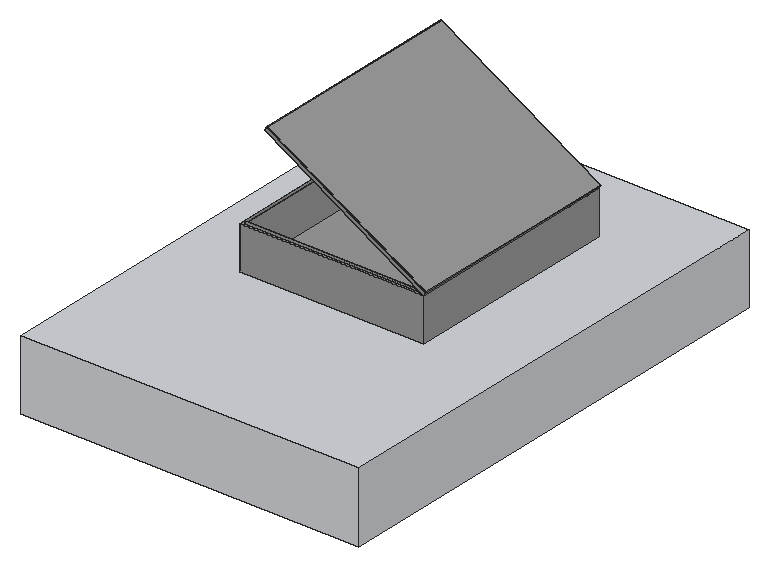
Revit family "Hager-Univers-IP54-D205-H950-Cl.I-Encl-CH-en", category Equipement électrique, Revit 2020
Family settings
  Hôte = Face
  Configuration du panneau = Deux colonnes, circuits au sein
  Cote de connecteur circulaire = Utiliser le diamètre
  Type d'élément = Tableau de raccordement
  Couper avec des vides une fois chargée = Non
  Partagée = Non
  Point de calcul de pièce = Non
Parameters (values of type "Surface mounted (plaster) IP54 W800 H950 D205  - FP63TW2")
  Width Control [instance] = if([EF000008 - Width] > Min Width, [EF000008 - Width], Min Width)  # 800 mm
  Commentaires du type = [HG000003 - Range]  # "Univers"
  Thickness Door [instance] = if([EF009171 - Material plate thickness door/cover] > 3 mm, 3 mm, [EF009171 - Material plate thickness door/cover])  # 1 mm
  Seal Frame Offset [instance] = 17 mm  # constant formula
  Plinth Visibility [instance] = [HG000027 - Plinth height] > 0 mm  # no
  Model = ""
  Min Width [instance] = 100 mm  # constant formula
  Min Height [instance] = 100 mm  # constant formula
  Min Depth [instance] = (2 * [EF009170 - Material plate thickness cabinet]) + 1 mm  # 3 mm
  Internal Frame Depth [instance] = (Door System Depth * 0.5)  # 9 mm
  Height Control [instance] = if([EF000040 - Height] > Min Height, [EF000040 - Height], Min Height)  # 950 mm
  HG000027 - Plinth height = 0 mm
  HG000026 - Floor standing = no
  HG000024 - Bottom section height = 800 mm
  HG000023 - Double section enclosure = no
  HG000016 - Door 3d visibility [instance] = yes
  HG000015 - Clearance visibility [instance] = no
  HG000014 - Door on the right [instance] = yes
  HG000013 - Door on the left [instance] = not([HG000014 - Door on the right])  # no
  HG000012 - Door swing angle [instance] = 30.00°
  HG000010 - Asymmetric doors = no
  HG000009 - Double swing door = no
  HG000006 - Flush mounted = no
  HG000004 - Manufacturer reference = "FP63TW2"
  HG000003 - Range = "Univers"
  HG000002 - With door or cover = yes
  Frame Offset Bottom [instance] = 10 mm  # constant formula
  Frame Offset [instance] = 15 mm  # constant formula
  EF015940 - Cover with overpressure release = no
  EF011959 - Degree of protection (NEMA) = ""
  EF009554 - Number of openings for flange plates = 6
  EF009212 - Cover model = "EV000116 - Closed"
  EF009171 - Material plate thickness door/cover = 1 mm
  EF009170 - Material plate thickness cabinet = 1 mm
  Fabricant = "Hager"  # constant formula
  EF008873 - Nominal current (In) = 250 A
  EF007800 - Suitable for lightning protection = no
  EF006306 - With lock = no
  EF006244 - Transparent cover/door = no
  EF005474 - Degree of protection (IP) = "EV006419 - IP54"
  EF004464 - Type of door = "EV002646 - Single"
  EF004427 - Number of modules = 216
  EF004293 - Impact strength = "EV006815 - IK09"
  EF003532 - Suitable for outdoor use = no
  EF002950 - Width in number of modular spacings = 36
  EF001613 - Circuit integrity = "EV000494 - None"
  EF001596 - Material housing = "EV000179 - Steel"
  EF001131 - Internal depth = 130 mm
  EF001088 - Extension possible = yes
  EF000437 - Number of conduit inlets = 6
  EF000339 - Type of cover = "EV001012 - Cover"
  EF000266 - Number of rows = 6
  EF000218 - Built-in depth = 205 mm
  EF000118 - With mounting plate = no
  EF000116 - RAL-number = "9010"
  EF000049 - Depth = 205 mm
  EF000040 - Height = 950 mm
  EF000008 - Width = 800 mm
  EF000007 - Colour = "EV000202 - White"
  EF000003 - Mounting method = "EV000384 - Surface mounted (plaster)"
  Door System Leaf Tolerance [instance] = 1.5 mm  # constant formula
  Door System Depth [instance] = 18 mm  # constant formula
  Door Height [instance] = Height Control - [HG000027 - Plinth height]  # 950 mm
  Depth Control [instance] = if([EF000049 - Depth] > Min Depth, [EF000049 - Depth], Min Depth)  # 205 mm
  Default Elevation = 0 mm
  Connector Offset [instance] = Height Control / 2  # 475 mm
  Bottom Top Plate Trim [instance] = 1.5 mm  # constant formula
  Plinth height Ctrl [instance] = if([HG000027 - Plinth height] > 0 mm, [HG000027 - Plinth height], 12 mm)  # 12 mm
Types (5, lengths in mm): name | Width Control | HG000004 - Manufacturer reference | EF009554 - Number of openings for flange plates | EF004464 - Type of door | EF004427 - Number of modules | EF002950 - Width in number of modular spacings | EF000437 - Number of conduit inlets | EF000008 - Width
  Surface mounted (plaster) IP54 W1050 H950 D205  - FP64TW2 | 1050 | "FP64TW2" | 8 | "EV003602 - Double" | 288 | 48 | 8 | 1050
  Surface mounted (plaster) IP54 W1300 H950 D205  - FP65TW2 | 1300 | "FP65TW2" | 10 | "EV003602 - Double" | 360 | 60 | 10 | 1300
  Surface mounted (plaster) IP54 W300 H950 D205  - FP61TW2 | 300 | "FP61TW2" | 2 | "EV002646 - Single" | 72 | 12 | 2 | 300
  Surface mounted (plaster) IP54 W550 H950 D205  - FP62TW2 | 550 | "FP62TW2" | 4 | "EV002646 - Single" | 144 | 24 | 4 | 550
  Surface mounted (plaster) IP54 W800 H950 D205  - FP63TW2 | 800 | "FP63TW2" | 6 | "EV002646 - Single" | 216 | 36 | 6 | 800
Reference planes
  plane 1 "Center (Front/Back)": y = 0
  plane 2: z = 0
  plane 3 "Center (Left/Right)": x = 0
  plane 4: z = 205
  plane 5: y = 1
  plane 6: y = 475
  plane 7: y = 0
  plane 8: y = 950
  plane 9: z = 0
  plane 10: x = -385
  plane 11: x = 385
  plane 12: x = 384
  plane 13: x = -384
  plane 14: y = 949
  plane 15: x = -383
  plane 16: x = -400
  plane 17: x = 383
  plane 18: x = 400
  plane 19: x = 399
  plane 20: x = -399
  plane 21: y = 11
  plane 22: y = 950
  plane 23: y = 934
  plane 24: z = 187
  plane 25: z = 1
  plane 26: z = 186
  plane 27: z = 204
Forms (mm)
  Extrusion 1, solid
    sketch origin (0, 0, 0) x (1, 0, 0) y (0, 1, 0)
      loop
        line (-702.964, 1305) -> (-702.964, -811.445) -> (766.763, -811.445) -> (766.763, 1305) -> (-702.964, 1305)
    from 0 to -304.8
  Extrusion 2, solid, material "Hager_Steel_RAL7035_Light_Grey", visible <- "Plinth Visibility", detail levels medium+fine
    sketch origin (0, 0, 0) x (1, 0, 0) y (0, 1, 0)
      loop
        line (-400, 0) -> (400, 0) -> (400, 12) -> (-400, 12) -> (-400, 0)
    from 0 to 187
  Extrusion 3, solid, material "Hager_Steel_RAL7035_Light_Grey", detail levels medium+fine
    sketch origin (0, 0, 0) x (1, 0, 0) y (0, 1, 0)
      loop
        line (-400, 0) -> (400, 0) -> (400, 950) -> (-400, 950) -> (-400, 0)
    from 0 to 187
  Extrusion 4, void
    sketch origin (0, 0, 0) x (1, 0, 0) y (0, 1, 0)
      loop
        line (-399, 1) -> (399, 1) -> (399, 949) -> (-399, 949) -> (-399, 1)
    from 1 to 186
  Extrusion 5, void
    sketch origin (-381.607, -4572, 187) x (0, -1, 0) y (-1, 0, 0)
      loop
        line (-4583, 2.393) -> (-5506, 2.393) -> (-5506, -765.607) -> (-4583, -765.607) -> (-4583, 2.393)
    from 0 to 1 <- "EF009170 - Material plate thickness cabinet"
  Extrusion 6, solid, material "Hager_Steel_RAL7035_Light_Grey", detail levels fine
    sketch origin (0, 0, 187) x (1, 0, 0) y (0, 1, 0)
      loop
        line (-384, 934) -> (-384, 11) -> (384, 11) -> (384, 934) -> (-384, 934)
      loop
        line (-385, 10) -> (385, 10) -> (385, 935) -> (-385, 935) -> (-385, 10)
    from 0 to 9 <- "Internal Frame Depth"
  Extrusion 7, solid, material "Hager_Steel_RAL7035_Light_Grey", detail levels coarse
    sketch origin (0, 0, 0) x (1, 0, 0) y (0, 1, 0)
      loop
        line (-400, 0) -> (400, 0) -> (400, 950) -> (-400, 950) -> (-400, 0)
    from 0 to 205
  Sweep 8, void
    path in 3D
      loop
        line (-400, 12, 0) -> (400, 12, 0) -> (400, 12, 187) -> (-400, 12, 187) -> (-400, 12, 0)
    profile origin (-400, 12, 93.5) x (-1, 0, 0) y (0, -1, 0)
      loop
        line (0, 0) -> (0, 1.5) -> (-1.5, 1.5)
        arc (-1.5, 1.5) -> (-1.061, 0.439) -> (0, 0) r 1.5
Cuts and joins
  Extrusion 4, Extrusion 5 cuts Extrusion 3
  Sweep 8 cuts Extrusion 2
Lines and regions (mm)
  Masking region 1
    outline origin (0, 0, 0) x (1, 0, 0) y (0, 0, 1)
      loop
        line (-400, 205) -> (-400, 0) -> (400, 0) -> (400, 205) -> (-400, 205)
  Masking region 2, detail levels medium+fine
    outline origin (0, 140, 0) x (0, 1, 0) y (0, 0, 1)
      loop
        line (-140, 0) -> (810, 0) -> (810, 187) -> (-140, 187) -> (-140, 0)
  Masking region 3, not visible, detail levels medium+fine
    outline origin (0, 297.922, 0) x (0, 1, 0) y (0, 0, 1)
      loop
        line (188.578, 0) -> (228.578, 0) -> (228.578, 194)
        arc (228.578, 194) -> (225.649, 201.071) -> (218.578, 204) r 10
        line (218.578, 204) -> (188.578, 204) -> (188.578, 0)
  Masking region 4, detail levels coarse
    outline origin (0, 0, 180) x (0, 1, 0) y (0, 0, 1)
      loop
        line (0, -180) -> (950, -180) -> (950, 25) -> (0, 25) -> (0, -180)
  Masking region 5, visible <- "Plinth Visibility", detail levels medium+fine
    outline origin (0, 52.24, 12.345) x (0, 0, -1) y (0, 1, 0)
      loop
        line (10.845, -40.24) -> (-173.155, -40.24)
        arc (-173.155, -40.24) -> (-173.594, -41.301) -> (-174.655, -41.74) r 1.5
        line (-174.655, -41.74) -> (-174.655, -52.24) -> (12.345, -52.24) -> (12.345, -41.74)
        arc (12.345, -41.74) -> (11.285, -41.301) -> (10.845, -40.24) r 1.5
  Masking region 6, detail levels medium+fine
    outline origin (-381.607, -4572, 187) x (-1, 0, 0) y (0, -1, 0)
      loop
        line (18.393, -5522) -> (18.393, -4572) -> (-781.607, -4572) -> (-781.607, -5522) -> (18.393, -5522)
  Masking region 7, visible <- "Plinth Visibility", detail levels medium+fine
    outline origin (-381.607, -4727, 187) x (-1, 0, 0) y (0, -1, 0)
      loop
        arc (16.893, -4739) -> (17.332, -4737.939) -> (18.393, -4737.5) r 1.5
        line (18.393, -4737.5) -> (18.393, -4727) -> (-781.607, -4727) -> (-781.607, -4737.5)
        arc (-781.607, -4737.5) -> (-780.546, -4737.939) -> (-780.107, -4739) r 1.5
        line (-780.107, -4739) -> (16.893, -4739)
  Masking region 8, detail levels coarse
    outline origin (-442.548, -4669.526, 187) x (-1, 0, 0) y (0, -1, 0)
      loop
        line (-42.548, -5619.526) -> (-42.548, -4669.526) -> (-842.548, -4669.526) -> (-842.548, -5619.526) -> (-42.548, -5619.526)
  sketch lines
    curve 1: line (-400, 12, 187) -> (-400, 12, 0)
    curve 2: line (400, 12, 187) -> (-400, 12, 187)
    curve 3: line (400, 12, 187) -> (400, 12, 0)
    curve 4: line (-400, 12, 0) -> (400, 12, 0)
Dimensions and locks
  "Depth Control": plane 4 to Extrusion 1
  "HG000027 - Plinth height": plane 1 "Center (Front/Back)" to plane 7
  "EF009170 - Material plate thickness cabinet": plane 5 to plane 7
  locked: connector elem to plane 3 "Center (Left/Right)"
  equal spacing: plane 8, plane 6, plane 7
  locked: connector elem to plane 6
  "EF009170 - Material plate thickness cabinet": plane 8 to plane 14
  "EF009170 - Material plate thickness cabinet": plane 10 to plane 13
  "EF009170 - Material plate thickness cabinet": plane 12 to plane 11
  "Frame Offset": plane 20 to plane 13
  "Frame Offset": plane 12 to plane 19
  "EF009170 - Material plate thickness cabinet": plane 16 to plane 20
  "EF009170 - Material plate thickness cabinet": plane 19 to plane 18
  "Seal Frame Offset": plane 16 to plane 15
  "Seal Frame Offset": plane 17 to plane 18
  "Frame Offset Bottom": plane 21 to plane 5
  "Frame Offset": plane 14 to plane 23
  equal spacing: plane 16, plane 3 "Center (Left/Right)", plane 18
  "Width Control": plane 16 to plane 18
  "EF009170 - Material plate thickness cabinet": plane 4 to plane 27
  "EF009170 - Material plate thickness cabinet": plane 24 to plane 26
  "EF009170 - Material plate thickness cabinet": plane 25 to level
  "Door System Depth": plane 4 to plane 24
  "Height Control": plane 1 "Center (Front/Back)" to Extrusion 7 sketch curve
  "Height Control": Masking region 4 sketch curve to plane 1 "Center (Front/Back)"
  "Height Control": plane 1 "Center (Front/Back)" to plane 22
  "Bottom Top Plate Trim": profile plane to Sweep 8 sketch curve
  "Bottom Top Plate Trim": Sweep 8 sketch curve to profile plane
  "Plinth height Ctrl": plane 1 "Center (Front/Back)" to Extrusion 2 sketch curve
  "Plinth height Ctrl": Masking region 5 sketch curve to plane 1 "Center (Front/Back)"
  "Plinth height Ctrl": plane 1 "Center (Front/Back)" to Masking region 7 sketch curve
  "Thickness Door": Extrusion 6 sketch curve to Extrusion 6 sketch curve  (x3)
  "Thickness Door": cut or joined group of Extrusion 3, Extrusion 4, Extrusion 5 to Extrusion 6 sketch curve
  radius of Masking region 3 sketch curve = 10 mm
  "Bottom Top Plate Trim": radius of Masking region 5 sketch curve  (x2)
  "Bottom Top Plate Trim": radius of Sweep 8 sketch curve
  "Bottom Top Plate Trim": radius of Masking region 7 sketch curve  (x2)
  aligned and locked: plane 2 to Extrusion 1
  aligned and locked: level to Extrusion 1
  aligned and locked: level to Masking region 1 sketch curve
  aligned and locked: Masking region 1 sketch curve to plane 18
  aligned and locked: Masking region 1 sketch curve to plane 16
  aligned and locked: plane 7 to Masking region 2 sketch curve
  aligned and locked: level to Masking region 3 sketch curve
  aligned and locked: Masking region 3 sketch curve to plane 27
  aligned and locked: level to Masking region 2 sketch curve
  aligned and locked: plane 1 "Center (Front/Back)" to Extrusion 2 sketch curve
  aligned and locked: Extrusion 3 sketch curve to plane 7
  aligned and locked: plane 16 to Extrusion 3 sketch curve
  aligned and locked: plane 18 to Extrusion 3 sketch curve
  aligned and locked: plane 20 to Extrusion 4 sketch curve
  aligned and locked: plane 19 to Extrusion 4 sketch curve
  aligned and locked: Extrusion 4 sketch curve to plane 5
  aligned and locked: Extrusion 4 to plane 25
  aligned and locked: plane 26 to Extrusion 4
  aligned and locked: plane 24 to Extrusion 3
  aligned and locked: Extrusion 5 sketch curve to plane 21
  aligned and locked: Extrusion 5 sketch curve to plane 13
  aligned and locked: Extrusion 5 sketch curve to plane 12
  aligned and locked: plane 18 to Extrusion 7 sketch curve
  aligned and locked: plane 1 "Center (Front/Back)" to Extrusion 7 sketch curve
  aligned and locked: plane 16 to Extrusion 7 sketch curve
  aligned and locked: plane 4 to Extrusion 7
  aligned and locked: Extrusion 7 to level
  aligned and locked: level to Masking region 4 sketch curve
  aligned and locked: Masking region 4 sketch curve to plane 1 "Center (Front/Back)"
  aligned and locked: Masking region 4 sketch curve to plane 4
  aligned and locked: nested 1 to level
  aligned and locked: nested 1 to plane 16
  aligned and locked: plane 8 to Extrusion 3 sketch curve
  aligned and locked: plane 23 to Extrusion 5 sketch curve
  aligned and locked: plane 14 to Extrusion 4 sketch curve
  aligned and locked: Masking region 2 sketch curve to plane 8
  aligned and locked: level to Masking region 5 sketch curve
  aligned and locked: plane 16 to Extrusion 2 sketch curve
  aligned and locked: plane 18 to Extrusion 2 sketch curve
  aligned and locked: Masking region 5 sketch curve to plane 24
  aligned and locked: Masking region 2 sketch curve to plane 24
  aligned and locked: plane 24 to Extrusion 2
  aligned and locked: profile plane to Sweep 8 sketch curve  (x2)
  aligned and locked: Masking region 6 sketch curve to plane 18
  aligned and locked: Masking region 6 sketch curve to plane 22
  aligned and locked: Masking region 6 sketch curve to plane 16
  aligned and locked: plane 8 to plane 22
  aligned and locked: Masking region 6 sketch curve to plane 7
  aligned and locked: Masking region 7 sketch curve to plane 16
  aligned and locked: Masking region 7 sketch curve to plane 1 "Center (Front/Back)"
  aligned and locked: Masking region 7 sketch curve to plane 18
  aligned and locked: Masking region 8 sketch curve to plane 1 "Center (Front/Back)"
  aligned and locked: Masking region 8 sketch curve to plane 18
  aligned and locked: Masking region 8 sketch curve to plane 22
  aligned and locked: Masking region 8 sketch curve to plane 16
  aligned and locked: nested 2 to plane 7
  aligned and locked: plane 3 "Center (Left/Right)" to nested 2
  aligned and locked: nested 2 to plane 24
  aligned and locked: Extrusion 6 sketch curve to cut or joined group of Extrusion 3, Extrusion 4, Extrusion 5  (x4)
Automatic sketch dimensions
  Extrusion 1 sketch curve to Extrusion 1 sketch curve = 1469.727 mm
  Extrusion 1 sketch curve to Extrusion 1 sketch curve = 2116.445 mm
  Masking region 1 sketch curve to plane 4 = 0 mm
  plane 6 to Masking region 3 sketch curve = 11.5 mm
  Masking region 3 sketch curve to Masking region 3 sketch curve = 30 mm
  Masking region 5 sketch curve to plane 1 "Center (Front/Back)" = 0 mm
Nested families
  nested 1: "Hager_Enclosure_Symbol" at (-400, 0, 0) x (1, 0, 0) z (0, -1, 0), Height <- "Depth Control", Width <- "Width Control", type "Hager_Enclosure_Symbol"
    with Width_Ctrl 800 mm, Width 800 mm, Height_Ctrl 205 mm, Height 205 mm, A_Width_Int 13.453 mm, A_Width 161.438 mm, A_Height_Ctrl 179.375 mm, A_Height 179.375 mm
  nested 2: "EC000058_Univers_Door" at (0, 0, 187) x (1, 0, 0) z (0, 1, 0), Leaf_Tolerance <- "Door System Leaf Tolerance", Angle <- "HG000012 - Door swing angle", Door_Depth <- "Door System Depth", Door_Left <- "HG000013 - Door on the left", Transparent <- "EF006244 - Transparent cover/door", Assymetrical <- "HG000010 - Asymmetric doors", Width <- "Width Control", Clearance <- "HG000015 - Clearance visibility", Double <- "HG000009 - Double swing door", 3d_Door <- "HG000016 - Door 3d visibility", Lock_Visibility <- "EF006306 - With lock", Width_Ctrl <- "Width Control", Door_Right <- "HG000014 - Door on the right", Door <- "HG000002 - With door or cover", Height <- "Door Height", Thickness <- "Thickness Door", type "EC000058_Univers_Door", detail levels medium+fine
    with min_wh 3 mm, Width_Ctrl 800 mm, Width 800 mm, Transparent no, Thickness 1 mm, Seal_Material Hager_Rubber, Lock_Visibility no, Lock_Material Hager_Plastic_RAL9005_Jet_Black, Leaf_Width 800 mm, Leaf_Tolerance_External_Sides 0 mm, Leaf_Tolerance 1.5 mm, Leaf_Offset 0 mm, Leaf_Height 947 mm, Leaf_2_Width 800 mm, Leaf_2_Offset 400 mm, Leaf_1_Width 800 mm, Leaf_1_Offset 400 mm, Height_Ctrl 950 mm, Height 950 mm, Glass_Material Hager_Glass, Double_Clearance_Ctrl no, Double no, Door_Right_Ctrl yes, Door_Right yes, Door_Material Hager_Steel_RAL7035_Light_Grey, Door_Left_Ctrl no, Door_Left no, Door_Depth 18 mm, Door yes, Clearance_Material Hager_Clearance, Clearance_Depth 800 mm, Clearance_Ctrl no, Clearance no, Assymetrical no, Angle 30.00°, 3d_Door yes
Connectors
  electrical at (0, 475, 0)
    settings: on plane 9, index 1, voltage 0 V, apparent load 0 VA, apparent load phase1 0 VA, apparent load phase2 0 VA, apparent load phase3 0 VA, power factor 1, load classification "Other", number of poles 1, system type 30, power factor state 1, is connector primary yes, connector utility no, sub classification motor no, connector description ""
Definition of nested family "EC000058_Univers_Door"
  Parameters (values of type "EC000058_Univers_Door")
    min_wh [instance] = (2 * Thickness) + 1 mm  # 11 mm
    Width_Ctrl [instance] = 400 mm
    Width [instance] = 500 mm
    Transparent [instance] = yes
    Thickness [instance] = 5 mm
    Seal_Material [instance] = none
    Lock_Visibility [instance] = yes
    Lock_Material [instance] = none
    Leaf_Width [instance] = if((Width_Ctrl - 2 * Leaf_Tolerance_External_Sides) > 0 mm, (Width_Ctrl - 2 * Leaf_Tolerance_External_Sides), min_wh)  # 400 mm
    Leaf_Tolerance_External_Sides [instance] = 0 mm  # constant formula
    Leaf_Tolerance [instance] = 1.5 mm
    Leaf_Offset [instance] = 0 mm  # constant formula
    Leaf_Height [instance] = if((Height_Ctrl - 2 * Leaf_Tolerance) > 0 mm, (Height_Ctrl - 2 * Leaf_Tolerance), min_wh)  # 497 mm
    Leaf_2_Width [instance] = if(and(and(Double, Assymetrical), Door_Left), (Leaf_Width / 3) - (Leaf_Tolerance / 2), if(and(and(Double, Assymetrical), Door_Right), (Leaf_Width / 3) * 2 - (Leaf_Tolerance / 2), if(and(Double, not(Assymetrical)), (Leaf_Width / 2) - Leaf_Tolerance, Leaf_Width)))  # 400 mm
    Leaf_2_Offset [instance] = if(and(Double, Assymetrical), Leaf_2_Width / 2, if(and(Double, not(Assymetrical)), Leaf_Width / 4, Leaf_Width / 2))  # 200 mm
    Leaf_1_Width [instance] = if(and(and(Double, Assymetrical), Door_Right), (Leaf_Width / 3) - (Leaf_Tolerance / 2), if(and(and(Double, Assymetrical), Door_Left), (Width / 3) * 2 - (Leaf_Tolerance / 2), if(and(Double, not(Assymetrical)), (Leaf_Width / 2) - Leaf_Tolerance, Leaf_Width)))  # 400 mm
    Leaf_1_Offset [instance] = if(and(Double, Assymetrical), Leaf_1_Width / 2, if(and(Double, not(Assymetrical)), Leaf_Width / 4, Leaf_Width / 2))  # 200 mm
    Height_Ctrl [instance] = if(Height > min_wh, Height, min_wh)  # 500 mm
    Height [instance] = 500 mm
    Glass_Material [instance] = none
    Double_Clearance_Ctrl [instance] = and(Double, Clearance)  # no
    Double [instance] = no
    Door_Right_Ctrl [instance] = and(or(Door_Right, Double), Door)  # yes
    Door_Right [instance] = yes
    Door_Material [instance] = none
    Door_Left_Ctrl [instance] = and(or(Door_Left, Double), Door)  # no
    Door_Left [instance] = no
    Door_Depth [instance] = 30 mm
    Door [instance] = yes
    Default Elevation = 1219.2 mm
    Clearance_Material [instance] = none
    Clearance_Depth [instance] = if(Leaf_1_Width > Leaf_2_Width, Leaf_1_Width, Leaf_2_Width)  # 400 mm
    Clearance_Ctrl [instance] = and(not(Double), Clearance)  # yes
    Clearance [instance] = yes
    Assymetrical [instance] = yes
    Angle [instance] = 30.00°
    3d_Door [instance] = yes
  Reference planes
    plane 1 "Center (Front/Back)": y = 0
    plane 2 "Bottom": z = 0
    plane 3 "Center (Left/Right)": x = 0
    plane 4: z = 500
    plane 5: x = -200
    plane 6: x = 200
    plane 7: z = 500
    plane 8: x = -200
    plane 9: z = 0
    plane 10: x = 200
    plane 11: y = 0
    plane 12: z = 1.5
    plane 13: x = -600
    plane 14: y = -400
    plane 15: x = 600
    plane 16: x = 0
    plane 17: x = 0
    plane 18: x = -200
    plane 19: x = 200
    plane 20: z = 498.5
  Forms (mm)
    Extrusion 1, solid, material <- "Clearance_Material", visible <- "Double_Clearance_Ctrl"
      sketch origin (1200, 0, 0) x (1, 0, 0) y (0, 0, -1)
        loop
          line (-1800, -498.5) -> (-600, -498.5) -> (-600, 0) -> (-1800, 0) -> (-1800, -498.5)
      from 0 to -400
  Dimensions and locks
    equal spacing: plane 5, plane 3 "Center (Left/Right)", plane 6
    "Width_Ctrl": plane 5 to plane 6
    "Leaf_Offset": plane 5 to plane 8
    "Leaf_Offset": plane 6 to plane 10
    "Leaf_Offset": plane 9 to level
    "Leaf_Offset": plane 4 to plane 7
    "Height_Ctrl": plane 4 to level
    "Leaf_Tolerance": plane 12 to plane 9
    locked: plane 11 to plane 1 "Center (Front/Back)"
    "Leaf_1_Offset": plane 18 to plane 16
    "Leaf_2_Offset": plane 17 to plane 19
    "Leaf_1_Width": plane 13 to plane 8
    "Leaf_2_Width": plane 10 to plane 15
    "Clearance_Depth": plane 14 to plane 1 "Center (Front/Back)"
    "Leaf_Tolerance_External_Sides": plane 8 to plane 18
    "Leaf_Tolerance_External_Sides": plane 19 to plane 10
    "Leaf_Tolerance": plane 7 to plane 20
    aligned and locked: level to plane 2 "Bottom"
    aligned and locked: nested 1 to plane 16
    aligned and locked: nested 2 to plane 17
    aligned and locked: Extrusion 1 to plane 13
    aligned and locked: plane 15 to Extrusion 1
    aligned and locked: Extrusion 1 to plane 14
    aligned and locked: plane 12 to nested 1
    aligned and locked: nested 2 to plane 12
    aligned and locked: Extrusion 1 to plane 11
    aligned and locked: plane 20 to Extrusion 1
    aligned and locked: nested 2 to plane 11
    aligned and locked: nested 1 to plane 11
  Automatic sketch dimensions
    Extrusion 1 sketch curve to level = 0 mm
    plane 5 to Extrusion 1 sketch curve = 400 mm
    plane 6 to Extrusion 1 sketch curve = 400 mm
    Extrusion 1 sketch curve to plane 4 = 1.5 mm
  Nested families
    nested 1: "EC000058_Univers_Door_Leaf" at (0, 0, 1.5), Width <- "Leaf_1_Width", visible <- "Door_Left_Ctrl", Leaf_Height <- "Leaf_Height", Angle <- "Angle", 3d_Door <- "3d_Door", Transparent <- "Transparent", Clearance Material <- "Clearance_Material", Clearance <- "Clearance_Ctrl", Door_Material <- "Door_Material", Glass_Material <- "Glass_Material", Door_Depth <- "Door_Depth", Lock_Material <- "Lock_Material", Seal_Material <- "Seal_Material", Lock_Visibility <- "Lock_Visibility", Thickness <- "Thickness", type "EC000058_Univers_Door_Leaf"
      with Width 400 mm, Transparent_Glass_Offset 30 mm, Transparent_Ctrl yes, Transparent yes, Thickness 5 mm, Standard no, Seal_Material none, Seal_D2 8 mm, Seal_D1 1 mm, Offset_Internal_Frame 10 mm, Lock_Width 20 mm, Lock_Visibility_3d yes, Lock_Visibility yes, Lock_Thickness_3 3 mm, Lock_Thickness_2 1 mm, Lock_Thickness_1 3 mm, Lock_Radius_Offset_2 16 mm, Lock_Radius_Offset_1 15 mm, Lock_Radius_2 5 mm, Lock_Radius 6 mm, Lock_Offset 5 mm, Lock_Material none, Lock_Height 80 mm, Lock_Cover_Top_Offset_2d 17 mm, Lock_Cover_Height -65 mm, Leaf_Height 497 mm, Internal_Seal_Thickness 8 mm, Internal_Seal_Depth_2 4.5 mm, Internal_Frame_Depth 25 mm, Glass_Thickness -1 mm, Glass_Offset -2 mm, Glass_Material none, Door_Material none, Door_Depth 30 mm, Clearance Material none, Clearance yes, Angle_Ctrl 30.00°, Angle 30.00°, 3d_Door yes
    nested 2: "EC000058_Univers_Door_Leaf" at (0, 0, 1.5) x (-1, 0, 0) z (0, 0, 1), Width <- "Leaf_2_Width", visible <- "Door_Right_Ctrl", Leaf_Height <- "Leaf_Height", Angle <- "Angle", 3d_Door <- "3d_Door", Transparent <- "Transparent", Clearance Material <- "Clearance_Material", Clearance <- "Clearance_Ctrl", Door_Material <- "Door_Material", Glass_Material <- "Glass_Material", Door_Depth <- "Door_Depth", Lock_Material <- "Lock_Material", Seal_Material <- "Seal_Material", Lock_Visibility <- "Lock_Visibility", Thickness <- "Thickness", type "EC000058_Univers_Door_Leaf"
      with Width 400 mm, Transparent_Glass_Offset 30 mm, Transparent_Ctrl yes, Transparent yes, Thickness 5 mm, Standard no, Seal_Material none, Seal_D2 8 mm, Seal_D1 1 mm, Offset_Internal_Frame 10 mm, Lock_Width 20 mm, Lock_Visibility_3d yes, Lock_Visibility yes, Lock_Thickness_3 3 mm, Lock_Thickness_2 1 mm, Lock_Thickness_1 3 mm, Lock_Radius_Offset_2 16 mm, Lock_Radius_Offset_1 15 mm, Lock_Radius_2 5 mm, Lock_Radius 6 mm, Lock_Offset 5 mm, Lock_Material none, Lock_Height 80 mm, Lock_Cover_Top_Offset_2d 17 mm, Lock_Cover_Height -65 mm, Leaf_Height 497 mm, Internal_Seal_Thickness 8 mm, Internal_Seal_Depth_2 4.5 mm, Internal_Frame_Depth 25 mm, Glass_Thickness -1 mm, Glass_Offset -2 mm, Glass_Material none, Door_Material none, Door_Depth 30 mm, Clearance Material none, Clearance yes, Angle_Ctrl 30.00°, Angle 30.00°, 3d_Door yes
  Definition of nested family "EC000058_Univers_Door_Leaf"
    Parameters (values of type "EC000058_Univers_Door_Leaf")
      Width [instance] = 2000 mm
      Transparent_Glass_Offset [instance] = 30 mm
      Transparent_Ctrl [instance] = and(Transparent, [3d_Door])  # yes
      Transparent [instance] = yes
      Thickness [instance] = 5 mm
      Standard [instance] = and(not(Transparent), [3d_Door])  # no
      Seal_Material [instance] = none
      Seal_D2 [instance] = 8 mm  # constant formula
      Seal_D1 [instance] = 1 mm  # constant formula
      Offset_Internal_Frame [instance] = 10 mm  # constant formula
      Lock_Width [instance] = 20 mm  # constant formula
      Lock_Visibility_3d [instance] = and(Lock_Visibility, [3d_Door])  # yes
      Lock_Visibility [instance] = yes
      Lock_Thickness_3 [instance] = 3 mm  # constant formula
      Lock_Thickness_2 [instance] = 1 mm  # constant formula
      Lock_Thickness_1 [instance] = 3 mm  # constant formula
      Lock_Radius_Offset_2 [instance] = Lock_Radius_Offset_1 + 1 mm  # 16 mm
      Lock_Radius_Offset_1 [instance] = 15 mm  # constant formula
      Lock_Radius_2 [instance] = Lock_Radius - 1 mm  # 5 mm
      Lock_Radius [instance] = 6 mm  # constant formula
      Lock_Offset [instance] = 5 mm  # constant formula
      Lock_Material [instance] = none
      Lock_Height [instance] = 80 mm  # constant formula
      Lock_Cover_Top_Offset_2d [instance] = Lock_Radius_Offset_2 + 1 mm  # 17 mm
      Lock_Cover_Height [instance] = -(Lock_Height - Lock_Radius_Offset_1)  # -65 mm
      Leaf_Height [instance] = 2720.336 mm
      Internal_Seal_Thickness [instance] = 8 mm  # constant formula
      Internal_Seal_Depth_2 [instance] = 4.5 mm  # constant formula
      Internal_Frame_Depth [instance] = if(Door_Depth - Thickness > 5 mm, Door_Depth - Thickness, 5 mm)  # 25 mm
      Glass_Thickness [instance] = if(Thickness > 15 mm, Glass_Offset + 10 mm, -1 mm)  # -1 mm
      Glass_Offset [instance] = if(Thickness > 15 mm, -(Thickness + 10 mm) / 2, -2 mm)  # -2 mm
      Glass_Material [instance] = none
      Door_Material [instance] = none
      Door_Depth [instance] = 30 mm
      Default Elevation = 0 mm
      Clearance Material [instance] = none
      Clearance [instance] = yes
      Angle_Ctrl [instance] = if(Angle > 180.00°, 180.00°, Angle)  # 90.00°
      Angle [instance] = 90.00°
      3d_Door [instance] = yes
    Reference planes
      plane 1 "Center (Front/Back)": y = 0
      plane 2: z = 0
      plane 3 "Center (Left/Right)": x = 0
      plane 4: y = 2000
      plane 5: x = -1000
      plane 6: x = 1000
      plane 7: x = -3000
      plane 8: z = 2720.336
      plane 9: z = 30
      plane 10: z = 2690.336
      plane 11: x = 970
      plane 12: x = -970
      plane 13: y = -3
      plane 14: z = 107.833
      plane 15: y = -5
      plane 16: y = -223.314
      plane 17: x = -1000
      plane 18: z = 1360.168
      plane 19: y = 30
    Forms (mm)
      Extrusion 1, solid, material <- "Clearance Material", visible <- "Clearance"
        sketch origin (0, 0, 0) x (1, 0, 0) y (0, 0, 1)
          loop
            line (-3000, 2720.336) -> (-3000, 0) -> (1000, 0) -> (1000, 2720.336) -> (-3000, 2720.336)
        from 0 to -2000
      Extrusion 2, solid, material <- "Door_Material", visible <- "Standard", detail levels medium+fine
        sketch origin (-1000, 0, 0) x (0, 1, 0) y (-1, 0, 0)
          loop
            line (0, 30) -> (0, 25) -> (2000, 25) -> (2000, 30) -> (0, 30)
        from 0 to 2720.336 <- "Leaf_Height"
      Extrusion 3, solid, material <- "Door_Material", visible <- "Transparent_Ctrl", detail levels medium+fine
        sketch origin (-1000, 0, 0) x (0, 1, 0) y (-1, 0, 0)
          loop
            line (0, 25) -> (2000, 25) -> (2000, 30) -> (0, 30) -> (0, 25)
        from 0 to 2720.336 <- "Leaf_Height"
      Extrusion 4, void
        sketch origin (-1025, 2000, 0) x (0, 1, 0) y (0, 0, -1)
          loop
            line (-30, -2690.336) -> (-30, -30) -> (-1970, -30) -> (-1970, -2690.336) -> (-30, -2690.336)
        from 0 to 5 <- "Thickness"
      Sweep 5, solid, material <- "Seal_Material", visible <- "Transparent_Ctrl", detail levels fine
        path in 3D
          loop
            line (-1025, 30, 30) -> (-1025, 30, 2690.336) -> (-1025, 1970, 2690.336) -> (-1025, 1970, 30) -> (-1025, 30, 30)
        profile origin (-1025, 1000, 30) x (1, 0, 0) y (0, 0, 1)
          loop
            line (0, 0) -> (0, -8) -> (1, -8) -> (1, 0) -> (0, 0)
      Extrusion 6, solid, material <- "Glass_Material", visible <- "Transparent_Ctrl", detail levels medium+fine
        sketch origin (-1030, 0, 0) x (0, 1, 0) y (0, 0, -1)
          loop
            line (1970, -2690.336) -> (1970, -30) -> (30, -30) -> (30, -2690.336) -> (1970, -2690.336)
        from -2 <- "Glass_Offset" to -1 <- "Glass_Thickness"
      Extrusion 7, solid, material <- "Door_Material", visible <- "3d_Door", detail levels medium+fine
        sketch origin (-1025, 2000, 0) x (0, -1, 0) y (0, 0, -1)
          loop
            line (0, -2720.336) -> (2000, -2720.336) -> (2000, 0) -> (0, 0) -> (0, -2720.336)
          loop
            line (1995, -5) -> (5, -5) -> (5, -2715.336) -> (1995, -2715.336) -> (1995, -5)
        from 0 to 25 <- "Internal_Frame_Depth"
      Sweep 8, solid, material <- "Seal_Material", visible <- "Transparent_Ctrl", detail levels fine
        path in 3D
          loop
            line (-1025, 0, 0) -> (-1025, 2000, 0) -> (-1025, 2000, 2720.336) -> (-1025, 0, 2720.336) -> (-1025, 0, 0)
        profile origin (-1025, 0, 1360.168) x (1, 0, 0) y (0, 1, 0)
          loop
            line (0, 10) -> (2.975, 10)
            arc (2.975, 10) -> (4.053, 10.447) -> (4.5, 11.525) r 1.525
            line (4.5, 11.525) -> (4.5, 16.527)
            arc (4.5, 16.527) -> (4.069, 17.569) -> (3.027, 18) r 1.473
            line (3.027, 18) -> (0, 18) -> (0, 10)
      Extrusion 9, solid, material <- "Lock_Material", visible <- "Lock_Visibility_3d", detail levels fine
        sketch origin (-1030, 0, 0) x (0, 1, 0) y (0, 0, -1)
          loop
            arc (1993.5, -1400.168) -> (1994.561, -1399.729) -> (1995, -1398.668) r 1.5
            line (1995, -1398.668) -> (1995, -1320.168) -> (1975, -1320.168) -> (1975, -1398.668)
            arc (1975, -1398.668) -> (1975.439, -1399.729) -> (1976.5, -1400.168) r 1.5
            line (1976.5, -1400.168) -> (1993.5, -1400.168)
        from 3 <- "Lock_Thickness_1" to 0
      Blend 10, solid, material <- "Lock_Material", visible <- "Lock_Visibility_3d", detail levels fine
        base sketch origin (-1033, 0, 0) x (0, 1, 0) y (0, 0, -1)
          loop
            line (1975, -1320.168) -> (1975, -1398.668)
            arc (1975, -1398.668) -> (1975.439, -1399.729) -> (1976.5, -1400.168) r 1.5
            line (1976.5, -1400.168) -> (1993.5, -1400.168)
            arc (1993.5, -1400.168) -> (1994.561, -1399.729) -> (1995, -1398.668) r 1.5
            line (1995, -1398.668) -> (1995, -1320.168) -> (1975, -1320.168)
        top sketch origin (-1033, 0, 0) x (0, 1, 0) y (0, 0, -1)
          loop
            line (1976, -1320.168) -> (1976, -1398.668)
            arc (1976, -1398.668) -> (1976.146, -1399.022) -> (1976.5, -1399.168) r 0.5
            line (1976.5, -1399.168) -> (1993.5, -1399.168)
            arc (1993.5, -1399.168) -> (1993.854, -1399.022) -> (1994, -1398.668) r 0.5
            line (1994, -1398.668) -> (1994, -1320.168) -> (1976, -1320.168)
        from 0 to 1 <- "Lock_Thickness_2"
      Blend 11, solid, material <- "Lock_Material", visible <- "Lock_Visibility_3d", detail levels fine
        base sketch origin (-1034, 0, 0) x (0, 1, 0) y (0, 0, -1)
          loop
            line (1978, -1320.168) -> (1978, -1384.168)
            arc (1978, -1384.168) -> (1985, -1391.168) -> (1992, -1384.168) r 7
            line (1992, -1384.168) -> (1992, -1320.168) -> (1978, -1320.168)
        top sketch origin (-1034, 0, 0) x (0, 1, 0) y (0, 0, -1)
          loop
            line (1991, -1320.168) -> (1979, -1320.168) -> (1979, -1383.168)
            arc (1979, -1383.168) -> (1985, -1389.168) -> (1991, -1383.168) r 6
            line (1991, -1383.168) -> (1991, -1320.168)
        from 0 to 3 <- "Lock_Thickness_3"
      Extrusion 12, solid, material <- "Lock_Material", visible <- "Lock_Visibility_3d", detail levels fine
        sketch origin (-1030, 1975, 1320.168) x (1, 0, 0) y (0, -1, 0)
          loop
            line (-7, -19) -> (-7, -1) -> (0, -1) -> (0, 0) -> (-8, 0) -> (-8, -20) -> (0, -20) -> (0, -19) -> (-7, -19)
        from 0 to -65 <- "Lock_Cover_Height"
      Extrusion 13, void
        sketch origin (-1038, 1995, 1320.168) x (-1, 0, 0) y (0, 0, -1)
          loop
            line (-5, -65) -> (0, -65) -> (-5, -60) -> (-5, -65)
        from 0 to 20 <- "Lock_Width"
      Extrusion 14, void
        sketch origin (-1038, 1975, 1320.168) x (0, -1, 0) y (0, 0, -1)
          loop
            circle (-10, -15.995) r 6
          loop
            circle (-10, -15.995) r 5
        from 0 to 2
      Extrusion 15, solid, material <- "Lock_Material", visible <- "Lock_Visibility_3d", detail levels medium
        sketch origin (-1030, 0, 0) x (0, 1, 0) y (0, 0, -1)
          loop
            arc (1993.5, -1400.168) -> (1994.561, -1399.729) -> (1995, -1398.668) r 1.5
            line (1995, -1398.668) -> (1995, -1320.168) -> (1975, -1320.168) -> (1975, -1398.668)
            arc (1975, -1398.668) -> (1975.439, -1399.729) -> (1976.5, -1400.168) r 1.5
            line (1976.5, -1400.168) -> (1993.5, -1400.168)
        from 8 to 0
    Cuts and joins
      Extrusion 4 cuts Extrusion 3
      Extrusion 13, Extrusion 14 cuts Extrusion 9
      Extrusion 14 cuts Blend 11
      Extrusion 13, Extrusion 14 cuts Extrusion 12
      joined: Extrusion 9, Blend 10, Blend 11, Extrusion 12
      Extrusion 14 cuts Extrusion 15
    Lines and regions (mm)
      Masking region 1, visible <- "Lock_Visibility", detail levels fine
        outline origin (0, 0, 0) x (0, 1, 0) y (0, 0, 1)
          loop
            line (30, 1320.168) -> (33, 1320.168) -> (33, 1400.168) -> (30, 1400.168) -> (30, 1320.168)
      Masking region 2, visible <- "Lock_Visibility", detail levels fine
        outline origin (0, 3.143, 0) x (0, 1, 0) y (0, 0, 1)
          loop
            line (29.857, 1354.168) -> (30.857, 1354.168) -> (30.857, 1366.168) -> (29.857, 1366.168) -> (29.857, 1354.168)
      Masking region 3, detail levels medium+fine
        outline origin (0, 0, 0) x (0, 1, 0) y (0, 0, 1)
          loop
            line (0, 0) -> (30, 0) -> (30, 2720.336) -> (0, 2720.336) -> (0, 0)
      Masking region 4, detail levels medium+fine
        outline origin (0, 0, 0) x (1, 0, 0) y (0, 0, 1)
          loop
            line (-1000, 2720.336) -> (-1000, 0) -> (1000, 0) -> (1000, 2720.336) -> (-1000, 2720.336)
      Masking region 5, visible <- "Lock_Visibility", detail levels fine
        outline origin (-47.116, 0, 0) x (1, 0, 0) y (0, 0, 1)
          loop
            arc (1024.616, 1399.168) -> (1023.556, 1398.729) -> (1023.116, 1397.668) r 1.5
            line (1023.116, 1397.668) -> (1023.116, 1320.168) -> (1041.116, 1320.168) -> (1041.116, 1397.668)
            arc (1041.116, 1397.668) -> (1040.677, 1398.729) -> (1039.616, 1399.168) r 1.5
            line (1039.616, 1399.168) -> (1024.616, 1399.168)
      Masking region 6, visible <- "Lock_Visibility", detail levels medium+fine
        outline origin (-25, 0, 0) x (1, 0, 0) y (0, 0, 1)
          loop
            arc (1001.5, 1400.168) -> (1000.439, 1399.729) -> (1000, 1398.668) r 1.5
            line (1000, 1398.668) -> (1000, 1320.168) -> (1020, 1320.168) -> (1020, 1398.668)
            arc (1020, 1398.668) -> (1019.561, 1399.729) -> (1018.5, 1400.168) r 1.5
            line (1018.5, 1400.168) -> (1001.5, 1400.168)
      Masking region 7, visible <- "Lock_Visibility", detail levels fine
        outline origin (-73.735, 0, 0) x (1, 0, 0) y (0, 0, 1)
          loop
            line (1051.735, 1382.168) -> (1065.735, 1382.168) -> (1065.735, 1384.168)
            arc (1065.735, 1384.168) -> (1058.735, 1391.168) -> (1051.735, 1384.168) r 7
            line (1051.735, 1384.168) -> (1051.735, 1382.168)
      Masking region 8, visible <- "Lock_Visibility", detail levels fine
        outline origin (-73.735, 0, 0) x (1, 0, 0) y (0, 0, 1)
          loop
            line (1052.735, 1382.168) -> (1064.735, 1382.168) -> (1064.735, 1383.168)
            arc (1064.735, 1383.168) -> (1058.735, 1389.168) -> (1052.735, 1383.168) r 6
            line (1052.735, 1383.168) -> (1052.735, 1382.168)
      Masking region 9, visible <- "Lock_Visibility", detail levels fine
        outline origin (-25, 0, 0) x (1, 0, 0) y (0, 0, 1)
          loop
            line (1020, 1320.168) -> (1020, 1382.168) -> (1000, 1382.168) -> (1000, 1320.168) -> (1020, 1320.168)
      Masking region 10, detail levels medium+fine
        outline origin (0, 0, 0) x (1, 0, 0) y (0, 0, 1)
          loop
            circle (985, 1335.144) r 6
      Masking region 11, detail levels fine
        outline origin (0, 0, 0) x (1, 0, 0) y (0, 0, 1)
          loop
            circle (985, 1335.144) r 5
      Masking region 12, visible <- "Lock_Visibility", detail levels fine
        outline origin (0, 12.767, 0) x (0, 1, 0) y (0, 0, 1)
          loop
            line (20.233, 1320.168) -> (21.233, 1320.168) -> (21.233, 1399.168) -> (20.233, 1400.168) -> (20.233, 1320.168)
      Masking region 13, visible <- "Lock_Visibility", detail levels fine
        outline origin (0, 13.767, -10) x (0, 1, 0) y (0, 0, 1)
          loop
            line (20.233, 1330.168) -> (23.233, 1330.168) -> (23.233, 1399.168) -> (20.233, 1402.168) -> (20.233, 1330.168)
      Masking region 14, visible <- "Lock_Visibility", detail levels fine
        outline origin (0, 12.767, -10) x (0, 1, 0) y (0, 0, 1)
          loop
            line (20.233, 1330.168) -> (25.233, 1330.168) -> (25.233, 1399.305) -> (20.233, 1394.305) -> (20.233, 1330.168)
      Masking region 15, visible <- "Lock_Visibility", detail levels medium
        outline origin (0, 0, 0) x (0, 1, 0) y (0, 0, 1)
          loop
            line (30, 1320.168) -> (38, 1320.168) -> (38, 1400.168) -> (30, 1400.168) -> (30, 1320.168)
      Masking region 16, visible <- "Lock_Visibility", detail levels fine
        outline origin (-1000, 0, 0) x (0, 1, 0) y (-1, 0, 0)
          loop
            line (1975, 30) -> (1995, 30) -> (1995, 38) -> (1975, 38) -> (1975, 30)
          loop
            line (1979, 37) -> (1976, 37) -> (1976, 34) -> (1978, 34) -> (1979, 37)
          loop
            line (1994, 37) -> (1991, 37) -> (1992, 34) -> (1994, 34) -> (1994, 37)
      Masking region 17, visible <- "Lock_Visibility", detail levels medium
        outline origin (-1000, 0, 0) x (0, 1, 0) y (-1, 0, 0)
          loop
            line (1975, 30) -> (1995, 30) -> (1995, 38) -> (1975, 38) -> (1975, 30)
      symbolic lines
        curve 1: line (1000, 0, 0) -> (-3000, 0, 0)
        curve 2: arc (1000, 0, 0) -> (-1000, 2000, 0) -> (-3000, 0, 0) r 2000
        curve 4: line (-1030, 0, 0) -> (-1030, 2000, 0)
      reference lines
        curve 3: line (-1000, 0, 0) -> (-1000, 2000, 0)
      symbolic lines, detail levels medium+fine
        curve 5: line (-1030, 2000, 0) -> (-1025, 2000, 0)
        curve 7: line (-1025, 0, 0) -> (-1030, 0, 0)
        curve 8: line (-1025, 0, 0) -> (-1000, 0, 0)
        curve 9: line (-1000, 0, 0) -> (-1000, 2000, 0)
        curve 10: line (-1000, 2000, 0) -> (-1025, 2000, 0)
      symbolic lines, detail levels fine
        curve 6: line (-1025, 2000, 0) -> (-1025, 0, 0)
      sketch lines
        curve 11: line (-1025, 0, 2720.336) -> (-1025, 0, 0)
        curve 12: line (-1025, 2000, 0) -> (-1025, 0, 0)
        curve 13: line (-1025, 2000, 2720.336) -> (-1025, 2000, 0)
        curve 14: line (-1025, 0, 2720.336) -> (-1025, 2000, 2720.336)
        curve 15: line (-1025, 1970, 30) -> (-1025, 30, 30)
        curve 16: line (-1025, 30, 30) -> (-1025, 30, 2690.336)
        curve 17: line (-1025, 1970, 2690.336) -> (-1025, 1970, 30)
        curve 18: line (-1025, 30, 2690.336) -> (-1025, 1970, 2690.336)
      symbolic lines, visible <- "Transparent", detail levels medium+fine
        curve 19: line (-970, 0, 2690.336) -> (970, 0, 2690.336)
        curve 20: line (-970, 0, 30) -> (-970, 0, 2690.336)
        curve 21: line (970, 0, 30) -> (-970, 0, 30)
        curve 22: line (970, 0, 2690.336) -> (970, 0, 30)
    Dimensions and locks
      "Width": plane 1 "Center (Front/Back)" to plane 4
      equal spacing: plane 5, plane 3 "Center (Left/Right)", plane 6
      "Width": plane 5 to plane 6
      "Width": plane 7 to plane 5
      "Leaf_Height": plane 8 to level
      "Width": curve 5 to curve 3
      "Width": curve 3 to curve 3
      plane 8 to plane 10 = 30 mm
      plane 9 to level = 30 mm
      plane 12 to plane 5 = 30 mm
      plane 6 to plane 11 = 30 mm
      Extrusion 1 to Extrusion 4 sketch curve = 30 mm
      "Transparent_Glass_Offset": curve 3 to Extrusion 4 sketch curve
      "Transparent_Glass_Offset": Extrusion 4 sketch curve to cut or joined group of Extrusion 3, Extrusion 4  (x2)
      cut or joined group of Extrusion 3, Extrusion 4 to Extrusion 6 sketch curve = 30 mm
      "Transparent_Glass_Offset": cut or joined group of Extrusion 3, Extrusion 4 to Extrusion 4 sketch curve
      "Thickness": curve 6 to curve 4
      "Thickness": Extrusion 7 sketch curve to Extrusion 7 sketch curve  (x4)
      "Door_Depth": curve 4 to curve 3
      "Offset_Internal_Frame": profile plane to Sweep 8 sketch curve
      "Internal_Seal_Thickness": Sweep 8 sketch curve to Sweep 8 sketch curve
      "Internal_Seal_Depth_2": profile plane to Sweep 8 sketch curve
      "Seal_D1": profile plane to Sweep 5 sketch curve
      "Seal_D2": profile plane to Sweep 5 sketch curve
      "Thickness": Extrusion 2 sketch curve to Extrusion 2 sketch curve
      equal spacing: Extrusion 9 sketch curve, plane 18, Extrusion 9 sketch curve  (x2)
      equal spacing: Masking region 1 sketch curve, plane 18, Masking region 1 sketch curve
      "Lock_Height": Masking region 1 sketch curve to Masking region 1 sketch curve
      "Lock_Radius": Masking region 2 sketch curve to plane 18 to Masking region 2 sketch curve
      Masking region 2 sketch curve to Masking region 1 = 1 mm
      "Door_Depth": plane 19 to plane 1 "Center (Front/Back)"
      "Lock_Thickness_1": Masking region 1 sketch curve to plane 19
      "Lock_Width": Extrusion 9 sketch curve to Extrusion 9 sketch curve
      "Lock_Height": Extrusion 9 sketch curve to Extrusion 9 sketch curve
      "Lock_Offset": cut or joined group of Extrusion 3, Extrusion 4 to Extrusion 9 sketch curve
      equal spacing: plane 8, plane 18, level
      "Lock_Radius_Offset_1": Blend 11 sketch curve to Blend 10
      locked: Blend 10 to Blend 11 sketch curve at 2  (x2)
      locked: var sketch to Blend 11 sketch curve at 1  (x2)
      "Lock_Radius_Offset_2": Blend 11 sketch curve to Blend 10
      locked: Extrusion 12 sketch curve to Extrusion 12 sketch curve at 1  (x3)
      Masking region 6 sketch curve to Masking region 6 sketch curve = 80 mm
      "Lock_Height": Masking region 6 sketch curve to Masking region 6 sketch curve
      "Lock_Width": Masking region 6 sketch curve to Masking region 6 sketch curve
      locked: Masking region 6 to Masking region 5 sketch curve at 1  (x3)
      locked: Masking region 5 to Masking region 7 sketch curve at 2  (x2)
      "Lock_Radius_Offset_1": Masking region 5 to Masking region 7 sketch curve
      "Lock_Radius_Offset_2": Masking region 5 to Masking region 8 sketch curve
      locked: Masking region 7 to Masking region 8 sketch curve at 1  (x2)
      "Lock_Cover_Top_Offset_2d": Masking region 5 to Masking region 9 sketch curve
      equal spacing: Masking region 9, Masking region 10 sketch curve, Masking region 9
      equal spacing: Masking region 9, Masking region 11 sketch curve, Masking region 9
      Extrusion 15 sketch curve to Extrusion 15 sketch curve = 80 mm
      "Lock_Width": Extrusion 15 sketch curve to Extrusion 15 sketch curve
      "Lock_Height": Extrusion 15 sketch curve to Extrusion 15 sketch curve
      equal spacing: Extrusion 15 sketch curve, plane 18, Extrusion 15 sketch curve
      "Lock_Thickness_3": Masking region 13 sketch curve to Masking region 13 sketch curve
      "Lock_Height": Masking region 12 sketch curve to Masking region 12 sketch curve
      locked: Masking region 13 sketch curve to Masking region 1 at 8
      locked: Masking region 14 sketch curve to Masking region 13 at 1
      locked: Masking region 14 sketch curve to Masking region 1 at 10.863
      "Lock_Height": Masking region 15 sketch curve to Masking region 15 sketch curve
      "Lock_Offset": Extrusion 15 sketch curve to cut or joined group of Extrusion 3, Extrusion 4
      "Lock_Offset": plane 6 to Masking region 6 sketch curve
      radius of Sweep 8 sketch curve = 1.525 mm
      radius of Sweep 8 sketch curve = 1.473 mm
      radius of Extrusion 9 sketch curve = 1.5 mm  (x2)
      "Lock_Radius": radius of Extrusion 14 sketch curve
      "Lock_Radius_2": radius of Extrusion 14 sketch curve
      "Lock_Radius": radius of Masking region 10 sketch curve
      "Lock_Radius_2": radius of Masking region 11 sketch curve
      radius of Extrusion 15 sketch curve = 1.5 mm  (x2)
      "Angle_Ctrl": angle plane 1 "Center (Front/Back)" to curve 3
      locked: Masking region 12 sketch curve to Masking region 12 sketch curve (angle 45.00°)
      locked: Masking region 13 sketch curve to Masking region 13 sketch curve (angle 45.00°)
      locked: Masking region 14 sketch curve to Masking region 14 sketch curve (angle 45.00°)
      aligned and locked: level to plane 2
      aligned and locked: Extrusion 1 to curve 1
      aligned and locked: plane 6 to Extrusion 1
      aligned and locked: Extrusion 1 to plane 1 "Center (Front/Back)"
      aligned and locked: plane 4 to Extrusion 1
      aligned and locked: plane 8 to Extrusion 1
      aligned and locked: curve 7 to Extrusion 2 sketch curve
      aligned and locked: curve 5 to Extrusion 2 sketch curve
      aligned and locked: curve 7 to Extrusion 3 sketch curve
      aligned and locked: Extrusion 3 sketch curve to curve 4
      aligned and locked: Extrusion 3 sketch curve to curve 6
      aligned and locked: Extrusion 3 sketch curve to curve 5
      aligned and locked: curve 9 to curve 3
      aligned and locked: Extrusion 7 sketch curve to cut or joined group of Extrusion 3, Extrusion 4  (x4)
      aligned and locked: plane 17 to curve 3
      aligned and locked: plane 1 "Center (Front/Back)" to curve 3
      aligned and locked: plane 17 to plane 5
      aligned and locked: Sweep 8 sketch curve to profile plane
      aligned and locked: Sweep 5 sketch curve to profile plane  (x2)
      aligned and locked: Masking region 1 to Masking region 2 sketch curve
      aligned and locked: plane 19 to Masking region 1 sketch curve
      aligned and locked: plane 1 "Center (Front/Back)" to Masking region 3 sketch curve
      aligned and locked: plane 19 to Masking region 3 sketch curve
      aligned and locked: level to Masking region 3 sketch curve
      aligned and locked: Masking region 3 sketch curve to plane 8
      aligned and locked: plane 17 to Masking region 4 sketch curve
      aligned and locked: level to Masking region 4 sketch curve
      aligned and locked: Masking region 4 sketch curve to plane 8
      aligned and locked: plane 12 to curve 20
      aligned and locked: plane 10 to curve 19
      aligned and locked: plane 11 to curve 22
      aligned and locked: curve 21 to plane 9
      aligned and locked: Extrusion 2 sketch curve to cut or joined group of Extrusion 3, Extrusion 4
      aligned and locked: Blend 10 sketch curve to Extrusion 9  (x4)
      aligned and locked: Extrusion 9 to Blend 10 sketch curve
      aligned and locked: Blend 10 to Blend 11 sketch curve
      aligned and locked: Extrusion 12 sketch curve to Blend 11
      aligned and locked: Extrusion 12 sketch curve to Extrusion 9  (x4)
      aligned and locked: Masking region 5 sketch curve to Masking region 6
      aligned and locked: Masking region 9 sketch curve to Masking region 6  (x3)
      aligned and locked: Masking region 12 sketch curve to Masking region 1
      aligned and locked: Masking region 13 sketch curve to Masking region 1
      aligned and locked: Masking region 12 to Masking region 14
      aligned and locked: Masking region 14 sketch curve to Masking region 1
      aligned and locked: Masking region 15 sketch curve to Masking region 14
      aligned and locked: Masking region 13 sketch curve to Masking region 12
      aligned and locked: Masking region 16 sketch curve to cut or joined group of Extrusion 14, Extrusion 15  (x4)
      aligned and locked: Masking region 16 sketch curve to cut or joined group of Extrusion 9, Blend 10, Blend 11, Extrusion 12, Extrusion 13, Extrusion 14  (x6)
      aligned and locked: cut or joined group of Extrusion 9, Blend 10, Blend 11, Extrusion 12, Extrusion 13, Extrusion 14 to Masking region 16 sketch curve
      aligned and locked: Masking region 17 sketch curve to cut or joined group of Extrusion 14, Extrusion 15  (x3)
      aligned and locked: Masking region 17 sketch curve to cut or joined group of Extrusion 9, Blend 10, Blend 11, Extrusion 12, Extrusion 13, Extrusion 14
      aligned and locked: Masking region 9 to Masking region 8 sketch curve
      aligned and locked: Masking region 9 to Masking region 7 sketch curve
    Automatic sketch dimensions
      plane 1 "Center (Front/Back)" to curve 2 = 0 mm
      curve 2 to plane 5 = 0 mm
      Extrusion 1 sketch curve to level = 0 mm
      Extrusion 1 sketch curve to plane 7 = 0 mm
      Extrusion 1 sketch curve to plane 6 = 0 mm
      Extrusion 1 sketch curve to plane 8 = 0 mm
      Extrusion 3 to Extrusion 6 sketch curve = 30 mm  (x4)
      Masking region 4 sketch curve to plane 6 = 0 mm
      Blend 10 sketch curve to Extrusion 9 = 1.5 mm
      Blend 10 sketch curve to Extrusion 9 = 1 mm
      Extrusion 13 sketch curve to Extrusion 12 = 0 mm  (x2)
      Extrusion 12 to Extrusion 13 sketch curve = 3 mm
      Extrusion 13 sketch curve to Extrusion 12 = 5 mm
      Extrusion 14 sketch curve to Extrusion 14 sketch curve = 0 mm  (x2)
      Extrusion 14 sketch curve to Extrusion 12 = 10 mm
      Extrusion 14 sketch curve to Extrusion 12 = 15.995 mm
      Masking region 5 sketch curve to Masking region 5 sketch curve = 1.5 mm  (x2)
      Masking region 10 sketch curve to plane 18 = 25.024 mm
      Masking region 11 sketch curve to plane 18 = 25.024 mm
      plane 19 to Masking region 14 sketch curve = 3 mm
      Masking region 16 sketch curve to Masking region 16 sketch curve = 3 mm
      curve 4 to curve 3 = 0 mm
      Blend 10 to Blend 11 sketch curve = 0 mm
      Masking region 6 sketch curve to Masking region 6 sketch curve = 1.5 mm  (x2)
      Masking region 6 sketch curve to plane 18 = 40 mm
      plane 19 to Masking region 12 sketch curve = 3 mm
      Masking region 12 sketch curve to Masking region 12 sketch curve = 1 mm
      Masking region 15 sketch curve to plane 19 = 0 mm
      Masking region 15 sketch curve to plane 18 = 40 mm
      radius of Blend 10 sketch curve to Extrusion 9 = 1 mm
Definition of nested family "Hager_Enclosure_Symbol"
  Parameters (values of type "Hager_Enclosure_Symbol")
    Width_Ctrl [instance] = if(Width > 1 mm, Width, 1 mm)  # 102.27 mm
    Width [instance] = 102.27 mm
    Height_Ctrl [instance] = if(Height > 1 mm, Height, 1 mm)  # 66.5 mm
    A_Width_Int [instance] = if(A_Width / 12 > 2 mm, A_Width / 12, 2 mm)  # 4.364 mm
    A_Width [instance] = if(A_Height_Ctrl * 0.9 > 2 mm, A_Height_Ctrl * 0.9, 2 mm)  # 52.369 mm
    A_Height_Ctrl [instance] = if(A_Height > 2 mm, A_Height, 2 mm)  # 58.188 mm
    Height [instance] = 66.5 mm
    A_Height [instance] = Height - (Height / 8)  # 58.188 mm
  Reference planes
    plane 1 "Centre (avant/arrière)": y = 0
    plane 2: z = 0
    plane 3 "Centre (gauche/droite)": x = 0
    plane 4: x = 52.369
    plane 5: y = 33.042
    plane 6: y = 41.77
    plane 7: y = 66.5
    plane 8: x = 26.184
    plane 9: y = 37.406
    plane 10: x = 102.27
    plane 11: y = 66.5
    plane 12: y = 8.313
  Lines and regions (mm)
    Filled region 1, type "Solid_Black", in view "Niveau de réf."
      outline origin (0, 0, 0) x (1, 0, 0) y (0, 1, 0)
        loop
          line (52.369, 66.5) -> (33.188, 54.536) -> (45.365, 45.006) -> (52.369, 66.5)
    Filled region 2, type "Solid_Black", in view "Niveau de réf."
      outline origin (0, 0, 0) x (1, 0, 0) y (0, 1, 0)
        loop
          line (0, 0) -> (102.27, 0) -> (102.27, 66.5) -> (0, 0)
    detail lines, in view "Niveau de réf."
      curve 1: line (0, 8.313, 0) -> (26.184, 41.77, 0)
      curve 2: line (26.184, 41.77, 0) -> (26.184, 33.042, 0)
      curve 3: line (26.184, 33.042, 0) -> (52.369, 66.5, 0)
  Dimensions and locks
    "A_Width": plane 3 "Centre (gauche/droite)" to plane 4
    equal spacing: plane 3 "Centre (gauche/droite)", plane 8, plane 4
    equal spacing: plane 6, plane 9, plane 5
    equal spacing: curve 3, Filled region 1 sketch curve, Filled region 1 sketch curve
    "Height_Ctrl": plane 1 "Centre (avant/arrière)" to plane 11
    "A_Height_Ctrl": plane 11 to plane 12
    equal spacing: plane 11, plane 9, plane 12
    "A_Width_Int": plane 6 to plane 9
    "Width_Ctrl": plane 3 "Centre (gauche/droite)" to plane 10
    angle Filled region 1 sketch curve to curve 3 = 20.00°
    angle curve 3 to Filled region 1 sketch curve = 20.00°
    locked: curve 3 to Filled region 1 sketch curve (angle 90.00°)
    aligned and locked: plane 10 to Filled region 2
    aligned and locked: plane 11 to Filled region 2 sketch curve
    aligned and locked: plane 10 to Filled region 2 sketch curve
    aligned and locked: plane 3 "Centre (gauche/droite)" to curve 1
    aligned and locked: plane 12 to curve 1
    aligned and locked: plane 7 to plane 11
  Automatic sketch dimensions
    Filled region 1 sketch curve to plane 4 = 0 mm
    Filled region 1 sketch curve to plane 7 = 0 mm
    plane 1 "Centre (avant/arrière)" to Filled region 2 sketch curve = 0 mm
    Filled region 2 sketch curve to plane 3 "Centre (gauche/droite)" = 0 mm
    curve 2 to plane 6 = 0 mm
    curve 2 to plane 8 = 0 mm
    curve 3 to plane 4 = 0 mm
    curve 2 to plane 5 = 0 mm
    curve 3 to plane 7 = 0 mm
